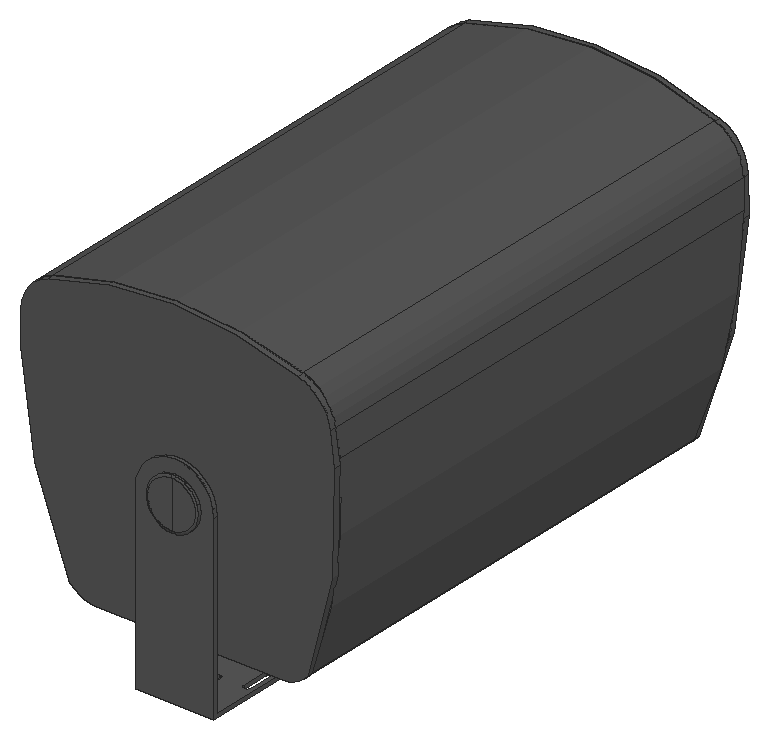
Revit family "Electronics_Desono_Biamp_Two-Way-High-Coaxial-Surface-Mount-Loudspeaker_EX-S8", category Communication Devices, host Face, Revit 2020
Family settings
  Host = Face
  Maintain Annotation Orientation = No
  Round Connector Dimension = Use Diameter
  Part Type = Normal
  OmniClass Number = 23.85.10.11.14.14.14
  Cut with Voids When Loaded = No
  Shared = No
  Room Calculation Point = No
Parameters (values of type "EX-S8-UB B")
  Width = 10.23622"  # constant formula
  Weight = 24.6918 lbf  # constant formula
  Vertical angle [instance] = 0.00°
  URL = "https://www.biamp.com/"
  Transducers = "LF 1 x 8 (200 mm) treated paper cone;HF 1 x 1.4 (35 mm) voice coil compression driver"  # constant formula
  Sensitivity = "1 m; 90 dB (2.83 V); 90 dB (1 W, 8 Ω)"  # constant formula
  Rotate bracket [instance] = if(Portrait, 0.00°, 90.00°)  # 0.00°
  Required Accessory = "50 Hz, 12 dB / oct. Butterworth high pass flter; DSP preset"  # constant formula
  Recommended Amplifers = "250 W - 500 W, 8 Ω (45 V - 63 V)"  # constant formula
  Rated Maximum SPL = "Peak - 124dB, Continuous - 112dB"  # constant formula
  Rated Continuous Voltage = "39.8 V (32 dBV)"  # constant formula
  Product data url = "https://bimobject.com/biamp/product/desono-ex-s8_desono-surface-mount"
  Product Page URL = "https://www.biamp.com/products/product-families/desono/surface-mount-loudspeakers#desono-ex-s8"
  Product Documentation Link = "https://downloads.biamp.com/assets/docs/default-source/data-sheets/biamp_data_sheet_desono_ex-s8_surface_mount_loudspeaker_feb22b.pdf"
  Portrait [instance] = yes
  Offset speaker [instance] = if(and(EXUB, Landscape), 1", if(and(EXUB, Portrait), 0", 6.88976"))  # 0"
  Offset [instance] = if(and(EXUB, Landscape), 4.79921", if(and(EXUB, Portrait), 5.78346", 2.48425"))  # 5.78346"
  Nom Vertical angle [instance] = if(and(and(Portrait, not(EXUB)), or(Vertical angle < -32.00°, Vertical angle = -32.00°)), -32.00°, if(and(and(Portrait, not(EXUB)), and(Vertical angle > -32.00°, Vertical angle < 24.00°)), Vertical angle, if(and(and(Portrait, not(EXUB)), or(Vertical angle > 24.00°, Vertical angle = 24.00°)), 24.00°, if(and(and(Landscape, not(EXUB)), or(Vertical angle < -56.00°, Vertical angle = -56.00°)), -56.00°, if(and(and(Landscape, not(EXUB)), and(Vertical angle > -56.00°, Vertical angle < 40.00°)), Vertical angle, if(and(and(Landscape, not(EXUB)), or(Vertical angle > 40.00°, Vertical angle = 40.00°)), 40.00°, if(and(and(EXUB, Landscape), or(Vertical angle < -100.00°, Vertical angle = -100.00°)), -100.00°, if(and(and(EXUB, Landscape), and(Vertical angle > -100.00°, Vertical angle < 100.00°)), Vertical angle, if(and(and(EXUB, Landscape), or(Vertical angle > 100.00°, Vertical angle = 100.00°)), 100.00°, 0.00°)))))))))  # 0.00°
  Nom Horizontal angle [instance] = if(and(and(Portrait, not(EXUB)), or(Horizontal angle < -60.00°, Horizontal angle = -60.00°)), -60.00°, if(and(and(Portrait, not(EXUB)), and(Horizontal angle > -60.00°, Horizontal angle < 60.00°)), Horizontal angle, if(and(and(Portrait, not(EXUB)), or(Horizontal angle > 60.00°, Horizontal angle = 60.00°)), 60.00°, if(and(and(Landscape, not(EXUB)), or(Horizontal angle < -24.00°, Horizontal angle = -24.00°)), -24.00°, if(and(and(Landscape, not(EXUB)), and(Horizontal angle > -24.00°, Horizontal angle < 24.00°)), Horizontal angle, if(and(and(Landscape, not(EXUB)), or(Horizontal angle > 24.00°, Horizontal angle = 24.00°)), 24.00°, if(and(Landscape, EXUB), 0.00°, if(and(and(EXUB, Portrait), or(Horizontal angle < -100.00°, Horizontal angle = -100.00°)), -100.00°, if(and(and(EXUB, Portrait), and(Horizontal angle > -100.00°, Horizontal angle < 100.00°)), Horizontal angle, if(and(and(EXUB, Portrait), or(Horizontal angle > 100.00°, Horizontal angle = 100.00°)), 100.00°, 0.00°))))))))))  # 0.00°
  Operating Range (-10dB) = "55 Hz to 20 kHz "  # constant formula
  Operating Mode = "Passive with selectable low-impedance or 70 V/100 V operation"  # constant formula
  Operating Environment = "Indoor/Outdoor"  # constant formula
  Nominal Maximum SPL = "Peak - 121dB; Continuous - 115dB"  # constant formula
  Nominal Continuous Power Handling = "45 V  (250 W, 8 Ω Nominal Impedance)"  # constant formula
  Mounting Provisions = "ClickMount pan-tilt bracket or ClickMount U-Bracket"  # constant formula
  Model = "EX-S8-UB B"
  Manufacturer = "Biamp"  # constant formula
  Landscape [instance] = not(Portrait)  # no
  Input Connection = "Lever-actuated wire clamping 4-position terminal block with pass-through"  # constant formula
  Housing Material = Biamp - Plastic - Black
  Horizontal angle [instance] = 0.00°
  Height = 18.0315"  # constant formula
  Grill Material = Biamp - Plastic - Black(Grid)
  Finish = "Refer to the Technical Drawings (pages 3-4)"  # constant formula
  Environmental Rating = "IP54 per IEC 60529, IEC 60068-2-5 (Solar Radiation),IEC 60068-2-11 (Salt Mist), IEC 60068-2-42 (SO2),IEC 60068-2-60 (Chlorine)"  # constant formula
  EXUB_PRT [instance] = and(EXUB, Portrait)  # yes
  EXUB_LSP [instance] = and(EXUB, Landscape)  # no
  EXUB = yes
  Description = "Desono™ EX-S8 Two-Way Coaxial 8 Surface Mount Loudspeaker"  # constant formula
  Depth = 10.35433"  # constant formula
  Default Elevation = 48"
  Crossover / Protection = "1.55 kHz crossover, driver protection circuitry"  # constant formula
  Controls = "Wattage / low impedance selector switch "  # constant formula
  Connector Description = "Terminal block; 40V 200W 8Ω Nominal Impedance, 70/100V operation"  # constant formula
  Compliance = "ETL listed to comply with UL 1480A;CSA STD C22.2# 62368-1; EN54-24, ISO 7240-24, IEC 62368-1"  # constant formula
  CMX-LG = no
  Bracket Material = Biamp - Plastic - Black
  Transformer = "70 V: 80 W, 40 W, 20 W, 10 W;  100 V: 80 W, 40 W, 20 W"  # constant formula
  Nominal Beamwidth (H x V) = "105° x 105°"  # constant formula
  Angle note [instance] = if(EXUB, "This product has predetermined angles in 10 degree increments", "This product has predetermined aiming increments of 8 degrees in the vertical plane and 12 degrees in the horizontal plane")  # "This product has predetermined angles in 10 degree increments"
Reference planes (in)
  plane 1 "Center (Front/Back)": y = 0
  plane 2: z = 0
  plane 3 "Center (Left/Right)": x = 0
Forms (in)
  Sweep 1, solid, material "Biamp - Plastic - Black" <- "Bracket Material", visible <- "EXUB", detail levels coarse
    path origin (0, 0, 0) x (0, 1, 0) y (-1, 0, 0)
      loop
        line (0, -1.30466) -> (0, 1.29377)
    profile origin (0.00545, 0, 0) x (0, -1, 0) y (0, 0, 1)
      loop
        line (8.85827, 0) -> (8.85827, 7.24409) -> (8.74016, 7.24409) -> (8.74016, 0.11811) -> (-8.74016, 0.11811) -> (-8.74016, 7.24409) -> (-8.85827, 7.24409) -> (-8.85827, 0) -> (8.85827, 0)
  Sweep 2, solid, material "Biamp - Plastic - Black" <- "Bracket Material", visible <- "EXUB", detail levels medium+fine
    path origin (0, 0, 0) x (0, 1, 0) y (-1, 0, 0)
      loop
        line (0, -1.30466) -> (0, 1.29377)
    profile origin (0.00545, 0, 0) x (0, -1, 0) y (0, 0, 1)
      loop
        line (8.66142, 0) -> (8.66142, 7.24409) -> (8.54331, 7.24409) -> (8.54331, 0.11811) -> (-8.54331, 0.11811) -> (-8.54331, 7.24409) -> (-8.66142, 7.24409) -> (-8.66142, 0) -> (8.66142, 0)
  Sweep 3, void
    path origin (0, 0, 0) x (0, 1, 0) y (-1, 0, 0)
      loop
        line (-8.74771, -0.00545) -> (8.74771, -0.00545)
    profile origin (0.00545, 0, 0) x (-1, 0, 0) y (0, 0, 1)
      loop
        line (1.29921, 5.94488) -> (1.29921, 7.51969) -> (-1.29921, 7.51969) -> (-1.29921, 5.94488)
        arc (-1.29921, 5.94488) -> (0, 7.24409) -> (1.29921, 5.94488) r 1.29921
  Sweep 4, void
    path origin (0, 0, 0) x (0, 1, 0) y (-1, 0, 0)
      loop
        line (-8.74771, -0.00545) -> (8.74771, -0.00545)
    profile origin (0.00545, 0, 0) x (-1, 0, 0) y (0, 0, 1)
      loop
        circle (0, 5.94488) r 0.19685
  Extrusion 5, void
    sketch origin (0, 0, 0) x (0, 1, 0) y (-1, 0, 0)
      loop
        circle (0, 0) r 0.25591
      loop
        arc (-7.24667, -0.08488) -> (-7.08661, -0.24494) -> (-6.92655, -0.08488) r 0.16006
        line (-6.92655, -0.08488) -> (-6.92655, 0.08488)
        arc (-6.92655, 0.08488) -> (-7.08661, 0.24494) -> (-7.24667, 0.08488) r 0.16006
        line (-7.24667, 0.08488) -> (-7.24667, -0.08488)
      loop
        arc (-6.96446, 1.16373) -> (-7.08661, 1.04158) -> (-6.96446, 0.91942) r 0.12216
        line (-6.96446, 0.91942) -> (-6.02767, 0.91942)
        arc (-6.02767, 0.91942) -> (-5.90551, 1.04158) -> (-6.02767, 1.16373) r 0.12216
        line (-6.02767, 1.16373) -> (-6.96446, 1.16373)
      loop
        line (-6.96446, -1.16373) -> (-6.02767, -1.16373)
        arc (-6.02767, -1.16373) -> (-5.90551, -1.04158) -> (-6.02767, -0.91942) r 0.12216
        line (-6.02767, -0.91942) -> (-6.96446, -0.91942)
        arc (-6.96446, -0.91942) -> (-7.08661, -1.04158) -> (-6.96446, -1.16373) r 0.12216
      loop
        arc (-3.07087, 0.25591) -> (-3.32677, 0) -> (-3.07087, -0.25591) r 0.25591
        line (-3.07087, -0.25591) -> (-2.20472, -0.25591)
        arc (-2.20472, -0.25591) -> (-1.94882, 0) -> (-2.20472, 0.25591) r 0.25591
        line (-2.20472, 0.25591) -> (-3.07087, 0.25591)
      loop
        line (7.24667, -0.08488) -> (7.24667, 0.08488)
        arc (7.24667, 0.08488) -> (7.08661, 0.24494) -> (6.92655, 0.08488) r 0.16006
        line (6.92655, 0.08488) -> (6.92655, -0.08488)
        arc (6.92655, -0.08488) -> (7.08661, -0.24494) -> (7.24667, -0.08488) r 0.16006
      loop
        line (6.96446, 1.16373) -> (6.02767, 1.16373)
        arc (6.02767, 1.16373) -> (5.90551, 1.04158) -> (6.02767, 0.91942) r 0.12216
        line (6.02767, 0.91942) -> (6.96446, 0.91942)
        arc (6.96446, 0.91942) -> (7.08661, 1.04158) -> (6.96446, 1.16373) r 0.12216
      loop
        arc (6.96446, -1.16373) -> (7.08661, -1.04158) -> (6.96446, -0.91942) r 0.12216
        line (6.96446, -0.91942) -> (6.02767, -0.91942)
        arc (6.02767, -0.91942) -> (5.90551, -1.04158) -> (6.02767, -1.16373) r 0.12216
        line (6.02767, -1.16373) -> (6.96446, -1.16373)
      loop
        line (3.07087, 0.25591) -> (2.20472, 0.25591)
        arc (2.20472, 0.25591) -> (1.94882, 0) -> (2.20472, -0.25591) r 0.25591
        line (2.20472, -0.25591) -> (3.07087, -0.25591)
        arc (3.07087, -0.25591) -> (3.32677, 0) -> (3.07087, 0.25591) r 0.25591
    from 0 to 0.63058
  Revolve 6, solid, material "Biamp - Plastic - Black" <- "Bracket Material", visible <- "EXUB", detail levels medium+fine
    sketch origin (0, 0, 0) x (0, 1, 0) y (0, 0, 1)
      loop
        line (8.66142, 6.13192) -> (8.26772, 6.13192) -> (8.26772, 5.94488) -> (8.77585, 5.94488) -> (8.77585, 6.72859)
        arc (8.77585, 6.72859) -> (8.76649, 6.77082) -> (8.74016, 6.80514) r 0.09992
        line (8.74016, 6.80514) -> (8.66142, 6.80514) -> (8.66142, 6.13192)
      loop
        line (-8.66142, 6.13192) -> (-8.66142, 6.80514) -> (-8.74016, 6.80514)
        arc (-8.74016, 6.80514) -> (-8.76649, 6.77082) -> (-8.77585, 6.72859) r 0.09992
        line (-8.77585, 6.72859) -> (-8.77585, 5.94488) -> (-8.26772, 5.94488) -> (-8.26772, 6.13192) -> (-8.66142, 6.13192)
      axis (8.77585, 5.94488) -> (-8.77585, 5.94488)
    angle from 0 to 360
Cuts and joins
  Sweep 3, Sweep 4, Extrusion 5 cuts Sweep 2
  Sweep 4, Extrusion 5 cuts Sweep 1
Lines and regions (in)
  Masking region 1, visible <- "EXUB_PRT"
    outline origin (0, 0, 0) x (1, 0, 0) y (0, 0, 1)
      loop
        arc (0.00545, 7.24409) -> (-0.91323, 6.86356) -> (-1.29377, 5.94488) r 1.29921
        line (-1.29377, 5.94488) -> (-1.29377, 0) -> (1.30466, 0) -> (1.30466, 5.94488)
        arc (1.30466, 5.94488) -> (0.92413, 6.86356) -> (0.00545, 7.24409) r 1.29921
  Masking region 2, visible <- "EXUB_PRT"
    outline origin (0, 0, 0) x (1, 0, 0) y (0, 0, 1)
      loop
        circle (0, 5.94488) r 0.86025
  Masking region 3, visible <- "EXUB_LSP", detail levels medium+fine
    outline origin (0, 0, 0) x (1, 0, 0) y (0, 0, 1)
      loop
        line (-8.54331, 0.11811) -> (-8.54331, 7.24726) -> (-8.66142, 7.24726) -> (-8.66142, 0) -> (8.66142, 0) -> (8.66142, 7.24726) -> (8.54331, 7.24726) -> (8.54331, 0.11811) -> (-8.54331, 0.11811)
  Masking region 4, visible <- "EXUB_LSP", detail levels coarse
    outline origin (0, 0, 0) x (1, 0, 0) y (0, 0, 1)
      loop
        line (-8.54331, 0.11811) -> (-8.54331, 7.24726) -> (-8.66142, 7.24726) -> (-8.66142, 0) -> (8.66142, 0) -> (8.66142, 7.24726) -> (8.54331, 7.24726) -> (8.54331, 0.11811) -> (-8.54331, 0.11811)
  Masking region 5, visible <- "EXUB_LSP", detail levels medium+fine
    outline origin (0, 0, 0) x (1, 0, 0) y (0, 0, 1)
      loop
        line (-8.66142, 6.80514) -> (-8.74016, 6.80514)
        arc (-8.74016, 6.80514) -> (-8.76831, 6.76985) -> (-8.77835, 6.72584) r 0.10141
        line (-8.77835, 6.72584) -> (-8.77835, 5.16392)
        arc (-8.77835, 5.16392) -> (-8.76831, 5.11992) -> (-8.74016, 5.08463) r 0.10141
        line (-8.74016, 5.08463) -> (-8.66142, 5.08463) -> (-8.66142, 5.75784) -> (-8.26772, 5.75784) -> (-8.26772, 6.13192) -> (-8.66142, 6.13192) -> (-8.66142, 6.80514)
      loop
        line (8.66142, 6.80514) -> (8.66142, 6.13192) -> (8.26772, 6.13192) -> (8.26772, 5.75784) -> (8.66142, 5.75784) -> (8.66142, 5.08463) -> (8.74016, 5.08463)
        arc (8.74016, 5.08463) -> (8.76831, 5.11992) -> (8.77835, 5.16392) r 0.10141
        line (8.77835, 5.16392) -> (8.77835, 6.72584)
        arc (8.77835, 6.72584) -> (8.76831, 6.76985) -> (8.74016, 6.80514) r 0.10141
        line (8.74016, 6.80514) -> (8.66142, 6.80514)
  Masking region 6, visible <- "EXUB_PRT", detail levels medium+fine
    outline origin (0, 0, 0) x (0, 1, 0) y (0, 0, 1)
      loop
        line (8.66142, 7.24409) -> (8.54331, 7.24409) -> (8.54331, 0.11811) -> (-8.54331, 0.11811) -> (-8.54331, 7.24409) -> (-8.66142, 7.24409) -> (-8.66142, 0) -> (8.66142, 0) -> (8.66142, 7.24409)
  Masking region 7, visible <- "EXUB_PRT", detail levels coarse
    outline origin (0, 0, 0) x (0, 1, 0) y (0, 0, 1)
      loop
        line (8.66142, 7.24409) -> (8.54331, 7.24409) -> (8.54331, 0.11811) -> (-8.54331, 0.11811) -> (-8.54331, 7.24409) -> (-8.66142, 7.24409) -> (-8.66142, 0) -> (8.66142, 0) -> (8.66142, 7.24409)
  Masking region 8, visible <- "EXUB_PRT", detail levels medium+fine
    outline origin (0, 0, 0) x (0, 1, 0) y (0, 0, 1)
      loop
        line (8.66142, 6.80514) -> (8.66142, 6.13192) -> (8.26772, 6.13192) -> (8.26772, 5.75784) -> (8.66142, 5.75784) -> (8.66142, 5.08463) -> (8.74016, 5.08463)
        arc (8.74016, 5.08463) -> (8.76711, 5.12704) -> (8.77654, 5.1764) r 0.13396
        line (8.77654, 5.1764) -> (8.77654, 6.71336)
        arc (8.77654, 6.71336) -> (8.76711, 6.76272) -> (8.74016, 6.80514) r 0.13396
        line (8.74016, 6.80514) -> (8.66142, 6.80514)
      loop
        line (-8.66142, 6.80514) -> (-8.74016, 6.80514)
        arc (-8.74016, 6.80514) -> (-8.76711, 6.76272) -> (-8.77654, 6.71336) r 0.13396
        line (-8.77654, 6.71336) -> (-8.77654, 5.1764)
        arc (-8.77654, 5.1764) -> (-8.76711, 5.12704) -> (-8.74016, 5.08463) r 0.13396
        line (-8.74016, 5.08463) -> (-8.66142, 5.08463) -> (-8.66142, 5.75784) -> (-8.26772, 5.75784) -> (-8.26772, 6.13192) -> (-8.66142, 6.13192) -> (-8.66142, 6.80514)
  Masking region 9, visible <- "EXUB_LSP"
    outline origin (0, 0, 0) x (0, 1, 0) y (0, 0, 1)
      loop
        arc (-0.00545, 7.24409) -> (-0.92413, 6.86356) -> (-1.30466, 5.94488) r 1.29921
        line (-1.30466, 5.94488) -> (-1.30466, 0) -> (1.29377, 0) -> (1.29377, 5.94488)
        arc (1.29377, 5.94488) -> (0.91323, 6.86356) -> (-0.00545, 7.24409) r 1.29921
  Masking region 10, visible <- "EXUB_LSP"
    outline origin (0, 0, 0) x (0, 1, 0) y (0, 0, 1)
      loop
        circle (0, 5.94488) r 0.86025
  reference lines
    curve 1: line (0, 0, 0) -> (0, 23.62205, 0)
Dimensions and locks (in)
  "Rotate bracket": angle curve 1 to plane 3 "Center (Left/Right)"
  aligned and locked: plane 2 to host face
  aligned and locked: level to host face
  aligned and locked: plane 1 "Center (Front/Back)" to curve 1
  aligned and locked: plane 3 "Center (Left/Right)" to curve 1
Automatic sketch dimensions
  host sketch curve to host sketch curve = 96"  (x2)
  curve 1 to Sweep 1 sketch curve = 0"
  curve 1 to Sweep 1 sketch curve = 1.30466"
  Sweep 1 sketch curve to Sweep 1 sketch curve = 2.59843"
  Sweep 1 sketch curve to profile plane = 0"
  profile plane to Sweep 1 sketch curve = 8.85827"
  Sweep 1 sketch curve to Sweep 1 sketch curve = 0.11811"  (x2)
  profile plane to Sweep 1 sketch curve = 0.11811"
  Sweep 1 sketch curve to profile plane = 8.74016"
  Sweep 1 sketch curve to Sweep 1 sketch curve = 7.12598"  (x2)
  Sweep 2 sketch curve to curve 1 = 0"
  Sweep 2 sketch curve to curve 1 = 1.30466"
  curve 1 to Sweep 2 sketch curve = 1.29377"
  Sweep 2 sketch curve to profile plane = 0"
  profile plane to Sweep 2 sketch curve = 8.66142"
  Sweep 2 sketch curve to Sweep 2 sketch curve = 0.11811"  (x2)
  profile plane to Sweep 2 sketch curve = 0.11811"
  Sweep 2 sketch curve to profile plane = 8.54331"
  Sweep 2 sketch curve to Sweep 2 sketch curve = 7.12598"  (x2)
  Sweep 3 sketch curve to profile plane = 0"
  Sweep 3 sketch curve to profile plane = 1.29921"
  level to Sweep 3 sketch curve = 5.94488"
  Sweep 3 sketch curve to Sweep 3 sketch curve = 1.5748"
  Sweep 4 sketch curve to profile plane = 0"
  level to Sweep 4 sketch curve = 5.94488"
  curve 1 to Sweep 4 sketch curve = 0.00545"
  Sweep 4 sketch curve to curve 1 = 8.74771"
  curve 1 to Sweep 4 sketch curve = 8.74771"
  curve 1 to Sweep 3 sketch curve = 0.00545"
  Sweep 3 sketch curve to curve 1 = 8.74771"
  curve 1 to Sweep 3 sketch curve = 8.74771"
  Extrusion 5 sketch curve to curve 1 = 0"  (x3)
  curve 1 to Extrusion 5 sketch curve = 0"
  Extrusion 5 sketch curve to Extrusion 5 sketch curve = 2.20472"
  curve 1 to Extrusion 5 sketch curve = 0.25591"  (x2)
  Extrusion 5 sketch curve to Extrusion 5 sketch curve = 0.86614"  (x2)
  curve 1 to Extrusion 5 sketch curve = 1.04158"
  Extrusion 5 sketch curve to Extrusion 5 sketch curve = 2.9568"  (x2)
  Extrusion 5 sketch curve to curve 1 = 0.91942"
  Extrusion 5 sketch curve to Extrusion 5 sketch curve = 0"  (x2)
  Extrusion 5 sketch curve to curve 1 = 0.08488"  (x2)
  Extrusion 5 sketch curve to Extrusion 5 sketch curve = 0.89889"  (x2)
  Extrusion 5 sketch curve to Extrusion 5 sketch curve = 0.93679"  (x3)
  Extrusion 5 sketch curve to Extrusion 5 sketch curve = 0.16006"  (x2)
  curve 1 to Extrusion 5 sketch curve = 2.20472"
  curve 1 to Extrusion 5 sketch curve = 0.91942"
  Extrusion 5 sketch curve to curve 1 = 1.16373"
  Extrusion 5 sketch curve to Extrusion 5 sketch curve = 0.03791"
  Extrusion 5 sketch curve to Extrusion 5 sketch curve = 0.24431"  (x2)
  Extrusion 5 sketch curve to Extrusion 5 sketch curve = 0.12216"  (x2)
  curve 1 to Extrusion 5 sketch curve = 0.08488"  (x2)
  Revolve 6 sketch curve to curve 1 = 8.77585"
  Revolve 6 sketch curve to Revolve 6 sketch curve = 0.03569"  (x2)
  Revolve 6 sketch curve to Revolve 6 sketch curve = 0.06423"
  Revolve 6 sketch curve to Revolve 6 sketch curve = 0.11443"
  Revolve 6 sketch curve to Revolve 6 sketch curve = 0.3937"  (x2)
  curve 1 to Revolve 6 sketch curve = 8.26772"
  Revolve 6 sketch curve to Revolve 6 sketch curve = 0.01451"
  Revolve 6 sketch curve to Revolve 6 sketch curve = 0.07874"
  Revolve 6 sketch curve to curve 1 = 5.94488"  (x2)
  Revolve 6 sketch curve to Revolve 6 sketch curve = 0.18704"  (x2)
  Revolve 6 sketch curve to Revolve 6 sketch curve = 0.59667"  (x2)
  Revolve 6 sketch curve to Revolve 6 sketch curve = 0.21341"
  Revolve 6 sketch curve to Revolve 6 sketch curve = 0.35129"
  Revolve 6 sketch curve to Revolve 6 sketch curve = 0"
  Masking region 1 sketch curve to Masking region 1 sketch curve = 0"  (x2)
  Masking region 1 sketch curve to level = 0"
  Masking region 1 sketch curve to plane 3 "Center (Left/Right)" = 1.29377"
  plane 3 "Center (Left/Right)" to Masking region 1 sketch curve = 0.00545"
  Masking region 1 sketch curve to Masking region 1 sketch curve = 5.94488"
  Masking region 2 sketch curve to Masking region 2 sketch curve = 0"  (x2)
  Masking region 2 sketch curve to plane 3 "Center (Left/Right)" = 0"
  level to Masking region 2 sketch curve = 5.94488"
  Masking region 2 sketch curve to Masking region 2 sketch curve = 0.86025"
  Masking region 3 sketch curve to level = 0"
  Masking region 3 sketch curve to plane 3 "Center (Left/Right)" = 8.66142"
  Masking region 3 sketch curve to Masking region 3 sketch curve = 0.11811"  (x2)
  level to Masking region 3 sketch curve = 0.11811"
  plane 3 "Center (Left/Right)" to Masking region 3 sketch curve = 8.54331"
  Masking region 3 sketch curve to Masking region 3 sketch curve = 7.12915"  (x2)
  Masking region 4 sketch curve to level = 0"
  Masking region 4 sketch curve to plane 3 "Center (Left/Right)" = 8.66142"
  Masking region 4 sketch curve to Masking region 4 sketch curve = 0.11811"  (x2)
  plane 3 "Center (Left/Right)" to Masking region 4 sketch curve = 8.54331"
  level to Masking region 4 sketch curve = 0.11811"
  Masking region 4 sketch curve to Masking region 4 sketch curve = 7.12915"  (x2)
  Masking region 5 sketch curve to plane 3 "Center (Left/Right)" = 8.77835"
  Masking region 5 sketch curve to Masking region 5 sketch curve = 0.0382"  (x3)
  Masking region 5 sketch curve to Masking region 5 sketch curve = 0.06321"
  Masking region 5 sketch curve to Masking region 5 sketch curve = 0.10141"
  Masking region 5 sketch curve to Masking region 5 sketch curve = 0.01553"  (x3)
  Masking region 5 sketch curve to Masking region 5 sketch curve = 0.07874"  (x3)
  Masking region 5 sketch curve to Masking region 5 sketch curve = 0.3937"  (x2)
  plane 3 "Center (Left/Right)" to Masking region 5 sketch curve = 8.26772"
  Masking region 5 sketch curve to Masking region 5 sketch curve = 0"
  level to Masking region 5 sketch curve = 5.08463"  (x2)
  Masking region 5 sketch curve to Masking region 5 sketch curve = 0.59392"  (x4)
  Masking region 5 sketch curve to Masking region 5 sketch curve = 0.37408"  (x2)
  Masking region 6 sketch curve to level = 0"
  plane 1 "Center (Front/Back)" to Masking region 6 sketch curve = 8.66142"
  Masking region 6 sketch curve to Masking region 6 sketch curve = 0.11811"  (x2)
  Masking region 6 sketch curve to plane 1 "Center (Front/Back)" = 8.54331"
  level to Masking region 6 sketch curve = 0.11811"
  Masking region 6 sketch curve to Masking region 6 sketch curve = 7.12598"  (x2)
  Masking region 7 sketch curve to level = 0"
  plane 1 "Center (Front/Back)" to Masking region 7 sketch curve = 8.66142"
  Masking region 7 sketch curve to Masking region 7 sketch curve = 0.11811"  (x2)
  Masking region 7 sketch curve to plane 1 "Center (Front/Back)" = 8.54331"
  level to Masking region 7 sketch curve = 0.11811"
  Masking region 7 sketch curve to Masking region 7 sketch curve = 7.12598"  (x2)
  plane 1 "Center (Front/Back)" to Masking region 8 sketch curve = 8.77654"
  Masking region 8 sketch curve to Masking region 8 sketch curve = 0.03638"  (x3)
  Masking region 8 sketch curve to Masking region 8 sketch curve = 0.07874"  (x4)
  Masking region 8 sketch curve to Masking region 8 sketch curve = 0.01884"  (x4)
  Masking region 8 sketch curve to Masking region 8 sketch curve = 0.3937"
  Masking region 8 sketch curve to plane 1 "Center (Front/Back)" = 8.26772"
  Masking region 8 sketch curve to Masking region 8 sketch curve = 0.37486"  (x2)
  level to Masking region 8 sketch curve = 5.08463"  (x2)
  Masking region 8 sketch curve to Masking region 8 sketch curve = 0.58144"  (x4)
  Masking region 8 sketch curve to Masking region 8 sketch curve = 0.37408"  (x2)
  Masking region 9 sketch curve to Masking region 9 sketch curve = 0"  (x2)
  Masking region 9 sketch curve to level = 0"
  plane 1 "Center (Front/Back)" to Masking region 9 sketch curve = 1.30466"
  plane 1 "Center (Front/Back)" to Masking region 9 sketch curve = 0.00545"
  Masking region 9 sketch curve to Masking region 9 sketch curve = 5.94488"
  Masking region 10 sketch curve to Masking region 10 sketch curve = 0"  (x2)
  Masking region 10 sketch curve to plane 1 "Center (Front/Back)" = 0"
  level to Masking region 10 sketch curve = 5.94488"
  Masking region 10 sketch curve to Masking region 10 sketch curve = 0.86025"
  radius of Sweep 4 sketch curve = 0.19685"
  radius of Extrusion 5 sketch curve = 0.25591"
Nested families (in)
  nested 1: "CMX-LG" at (0, 0, 0) x (0, 1, 0) z (0, 0, 1), Vertical angle <- "Nom Vertical angle", Horizontal angle <- "Nom Horizontal angle", Housing Material <- "Bracket Material", Vertical <- "Portrait", Offset <- "Offset", visible <- "CMX-LG", type "CMX-LG"
    with Vertical angle 0.00°, Vertical yes, Offset 5.78346", Housing Material Biamp - Plastic - Black, Horizontal angle 0.00°
  nested 2: "EX-S8" at (0, -0.00545, 5.38265) x (0, -1, 0) z (0, 0, 1), Offset <- "Offset speaker", Housing Material <- "Housing Material", Grill Material <- "Grill Material", type "EX-S8"
    with Offset 0", Housing Material Biamp - Plastic - Black, Grill Material Biamp - Plastic - Black(Grid)
Connectors (in)
  electrical at (0, -0.00545, 1.64643), driven by "Connector Description"
    settings: on nested 2, index 1, voltage 0 V, apparent load 0 VA, apparent load phase1 0 VA, apparent load phase2 0 VA, apparent load phase3 0 VA, power factor 1, load classification "Other", number of poles 1, system type 5, power factor state 1, is connector primary yes, connector utility no, sub classification motor no, connector description "Terminal block; 40V 200W 8Ω Nominal Impedance, 70/100V operation"
Definition of nested family "CMX-LG"
  Parameters (values of type "CMX-LG")
    Horizontal angle [instance] = 0.00°
    Vertical [instance] = yes
    Offset [instance] = 2.48251"
    Housing Material [instance] = none
    Vertical angle [instance] = 30.00°
    Height = 0"
    Default Elevation = 48"
  Reference planes (in)
    plane 1 "Center (Front/Back)": y = 0
    plane 2: z = 0
    plane 3 "Center (Left/Right)": x = 0
    plane 4: z = 2.48251
  Forms (in)
    Extrusion 1, solid, material <- "Housing Material", detail levels coarse
      sketch origin (0, 0, 0) x (1, 0, 0) y (0, 1, 0)
        loop
          line (-3.14961, 2.20472) -> (-3.14961, -2.20472) -> (3.14961, -2.20472) -> (3.14961, 2.20472) -> (-3.14961, 2.20472)
      from 0 to 0.7874
    Extrusion 2, solid, material <- "Housing Material", detail levels medium+fine
      sketch origin (0, 0, 0) x (0, 1, 0) y (0, 0, 1)
        loop
          line (2.20472, 0) -> (2.20472, 0.16467)
          arc (2.20472, 0.16467) -> (2.08252, 0.49404) -> (1.77506, 0.664) r 0.50499
          arc (1.77506, 0.664) -> (0, 0.79714) -> (-1.77506, 0.664) r 11.90021
          arc (-1.77506, 0.664) -> (-2.08252, 0.49404) -> (-2.20472, 0.16467) r 0.50499
          line (-2.20472, 0.16467) -> (-2.20472, 0) -> (2.20472, 0)
      from -3.14961 to 3.14961
    Extrusion 3, void
      sketch origin (0, 0, 0) x (1, 0, 0) y (0, 0, 1)
        loop
          line (-3.16909, -0.41986) -> (-2.97047, 0.70657)
          arc (-2.97047, 0.70657) -> (-2.96479, 0.7235) -> (-2.95439, 0.73801) r 0.06004
          arc (-2.95439, 0.73801) -> (-2.90688, 0.77646) -> (-2.85166, 0.80264) r 0.25769
          line (-2.85166, 0.80264) -> (-2.85166, 0.98425) -> (-3.16909, 0.98425) -> (-3.16909, -0.41986)
        loop
          line (3.16909, -0.41986) -> (3.16909, 0.98425) -> (2.85166, 0.98425) -> (2.85166, 0.80264)
          arc (2.85166, 0.80264) -> (2.90688, 0.77646) -> (2.95439, 0.73801) r 0.25769
          arc (2.95439, 0.73801) -> (2.96479, 0.7235) -> (2.97047, 0.70657) r 0.06004
          line (2.97047, 0.70657) -> (3.16909, -0.41986)
      from -2.51902 to 2.58709
    Extrusion 4, void
      sketch origin (0, 0, 0) x (1, 0, 0) y (0, 1, 0)
        loop
          arc (-1.22638, 1.30118) -> (-1.50477, 1.18587) -> (-1.62008, 0.90748) r 0.3937
          line (-1.62008, 0.90748) -> (-1.62008, -0.90748)
          arc (-1.62008, -0.90748) -> (-1.50477, -1.18587) -> (-1.22638, -1.30118) r 0.3937
          line (-1.22638, -1.30118) -> (1.22638, -1.30118)
          arc (1.22638, -1.30118) -> (1.50477, -1.18587) -> (1.62008, -0.90748) r 0.3937
          line (1.62008, -0.90748) -> (1.62008, 0.90748)
          arc (1.62008, 0.90748) -> (1.50477, 1.18587) -> (1.22638, 1.30118) r 0.3937
          line (1.22638, 1.30118) -> (-1.22638, 1.30118)
      from 0.63058 to 0.89388
    Extrusion 5, void
      sketch origin (4.52756, 0, 0) x (0, 0, -1) y (-1, 0, 0)
        loop
          line (-3.14571, 6.10236) -> (-3.14571, 5.70897) -> (-0.63058, 6.10236) -> (-3.14571, 6.10236)
        loop
          line (-3.14571, 2.95276) -> (-0.63058, 2.95276) -> (-3.14571, 3.34615) -> (-3.14571, 2.95276)
        loop
          line (-3.14571, 3.83858) -> (-0.63058, 3.83858) -> (-0.63058, 5.21654) -> (-3.14571, 5.21654) -> (-3.14571, 3.83858)
      from -1.07372 to 1.09078
    Extrusion 6, void
      sketch origin (4.52756, 0, 0) x (0, 0, -1) y (0, -1, 0)
        loop
          circle (-2.50709, 0) r 0.41339
      from 1.95353 to 6.5829
    Sweep 7, solid, material <- "Housing Material"
      path origin (0, 0, 0) x (1, 0, 0) y (0, 1, 0)
        loop
          line (-1.5748, -0.00067) -> (1.5748, -0.00067)
      profile origin (0, -0.00067, 0) x (0, 1, 0) y (0, 0, 1)
        loop
          spline (0.96497, 0.63058) -> (0.95293, 0.75507) -> (0.93919, 0.87939) -> (0.92376, 1.00352) -> (0.90663, 1.12744) -> (0.88781, 1.25113) -> (0.86731, 1.37455) -> (0.84512, 1.4977) -> (0.82125, 1.62055) -> (0.79571, 1.74307) -> (0.76849, 1.86525) -> (0.73962, 1.98707) -> (0.70908, 2.10849)
          arc (0.70908, 2.10849) -> (0.6212, 2.42467) -> (0.52208, 2.73751) r 9.1808
          arc (0.52208, 2.73751) -> (0.00077, 3.11001) -> (-0.52068, 2.73771) r 0.55118
          arc (-0.52068, 2.73771) -> (-0.80585, 1.69792) -> (-0.95843, 0.63058) r 8.58394
          line (-0.95843, 0.63058) -> (0.96497, 0.63058)
  Cuts and joins
    Extrusion 3, Extrusion 4, Extrusion 5 cuts Extrusion 2
    Extrusion 4, Extrusion 5, Extrusion 6 cuts Extrusion 1
    Extrusion 5, Extrusion 6 cuts Sweep 7
  Lines and regions (in)
    Masking region 1
      outline origin (0, 0, 0) x (1, 0, 0) y (0, 1, 0)
        loop
          line (-3.14961, 2.20472) -> (-3.14961, -2.20472) -> (3.14961, -2.20472) -> (3.14961, 2.20472) -> (-3.14961, 2.20472)
    Masking region 2
      outline origin (4.52756, 0, 0) x (0, 0, 1) y (-1, 0, 0)
        loop
          line (0, 1.41478) -> (0.78774, 1.59452) -> (0.78774, 2.86676) -> (3.1211, 3.36274) -> (3.1211, 3.84222) -> (0.78774, 3.84222) -> (0.78774, 5.22017) -> (3.1211, 5.22017) -> (3.1211, 5.72426) -> (0.78774, 6.22023) -> (0.78774, 7.48383) -> (0, 7.62273) -> (0, 1.41478)
    Masking region 3
      outline origin (4.52756, 0, 0) x (0, 0, 1) y (0, -1, 0)
        loop
          line (0, 2.20732) -> (0, -2.21591) -> (0.16467, -2.21591)
          arc (0.16467, -2.21591) -> (0.49404, -2.09371) -> (0.664, -1.78625) r 0.50499
          arc (0.664, -1.78625) -> (0.79765, -0.0043) -> (0.664, 1.77766) r 11.9464
          arc (0.664, 1.77766) -> (0.49404, 2.08512) -> (0.16467, 2.20732) r 0.50499
          line (0.16467, 2.20732) -> (0, 2.20732)
    Masking region 4
      outline origin (4.52756, 0, 0) x (0, 0, 1) y (0, -1, 0)
        loop
          arc (2.73329, 0.51814) -> (3.10782, 0.02852) -> (2.79414, -0.50215) r 0.55118
          arc (2.79414, -0.50215) -> (2.45372, -0.61185) -> (2.10928, -0.7082) r 9.1808
          spline (2.10928, -0.7082) -> (1.99835, -0.73618) -> (1.8871, -0.76278) -> (1.77553, -0.78798) -> (1.66368, -0.81179) -> (1.55155, -0.8342) -> (1.43915, -0.85522) -> (1.32652, -0.87482) -> (1.21366, -0.89303) -> (1.10059, -0.90982) -> (0.98733, -0.9252) -> (0.87389, -0.93917) -> (0.7603, -0.95172)
          arc (0.7603, -0.95172) -> (0.80073, 0.00005) -> (0.75956, 0.95179) r 11.12158
          spline (0.75956, 0.95179) -> (0.87321, 0.93925) -> (0.98671, 0.92528) -> (1.10003, 0.9099) -> (1.21317, 0.8931) -> (1.32609, 0.8749) -> (1.43879, 0.85528) -> (1.55124, 0.83426) -> (1.66343, 0.81184) -> (1.77535, 0.78802) -> (1.88698, 0.76281) -> (1.99829, 0.7362) -> (2.10928, 0.7082)
          arc (2.10928, 0.7082) -> (2.42365, 0.62084) -> (2.73471, 0.52236) r 9.1808
    reference lines
      curve 1: line (0, 0, 2.48251) -> (0, 0, 3.4685)
      curve 2: line (4.52756, 0, 0) -> (4.52756, 0, 0.59055)
      curve 3: line (-0.70451, 0, 3.4685) -> (0.47659, 0, 3.4685)
      curve 4: line (0, 0, 3.4685) -> (0.46556, 0, 4.27488)
  Dimensions and locks (in)
    "Offset": plane 4 to plane 2
    "Horizontal angle": angle plane 1 "Center (Front/Back)" to curve 1
    "Vertical angle": angle curve 4 to curve 1
    aligned and locked: level to plane 2
    aligned and locked: plane 4 to curve 1
    aligned and locked: plane 1 "Center (Front/Back)" to curve 1
    aligned and locked: curve 3 to curve 4
    aligned and locked: curve 1 to curve 4
  Automatic sketch dimensions
    Extrusion 1 sketch curve to plane 3 "Center (Left/Right)" = 3.14961"
    plane 3 "Center (Left/Right)" to Extrusion 1 sketch curve = 3.14961"
    plane 1 "Center (Front/Back)" to Extrusion 1 sketch curve = 2.20472"
    Extrusion 1 sketch curve to plane 1 "Center (Front/Back)" = 2.20472"
    plane 1 "Center (Front/Back)" to Extrusion 4 sketch curve = 0.90748"
    Extrusion 4 sketch curve to plane 3 "Center (Left/Right)" = 1.62008"
    Extrusion 4 sketch curve to Extrusion 4 sketch curve = 0.3937"  (x3)
    plane 3 "Center (Left/Right)" to Extrusion 4 sketch curve = 1.22638"  (x2)
    Extrusion 4 sketch curve to plane 1 "Center (Front/Back)" = 0.90748"
    plane 1 "Center (Front/Back)" to Sweep 7 sketch curve = 0.00067"
    Sweep 7 sketch curve to plane 3 "Center (Left/Right)" = 1.5748"
    plane 3 "Center (Left/Right)" to Sweep 7 sketch curve = 1.5748"
    Sweep 7 sketch curve to level = 0.19141"
    profile plane to Sweep 7 sketch curve = 8.17898"
    Sweep 7 sketch curve to profile plane = 0.00067"
    level to Sweep 7 sketch curve = 0.63058"
    Sweep 7 sketch curve to profile plane = 0.96497"
    Sweep 7 sketch curve to level = 0.04808"
    Sweep 7 sketch curve to Sweep 7 sketch curve = 1.92825"
    Sweep 7 sketch curve to level = 0.18883"
    Sweep 7 sketch curve to Sweep 7 sketch curve = 0.39114"
    profile plane to Sweep 7 sketch curve = 0.95843"
    Sweep 7 sketch curve to Sweep 7 sketch curve = 0.52135"
    Sweep 7 sketch curve to Sweep 7 sketch curve = 0"
    Sweep 7 sketch curve to profile plane = 0.52208"
    Sweep 7 sketch curve to Sweep 7 sketch curve = 0.18699"
    Masking region 1 sketch curve to plane 3 "Center (Left/Right)" = 3.14961"
    plane 3 "Center (Left/Right)" to Masking region 1 sketch curve = 3.14961"
    plane 1 "Center (Front/Back)" to Masking region 1 sketch curve = 2.20472"
    Masking region 1 sketch curve to plane 1 "Center (Front/Back)" = 2.20472"
    Extrusion 2 sketch curve to level = 0"
    Extrusion 2 sketch curve to plane 1 "Center (Front/Back)" = 0"
    level to Extrusion 2 sketch curve = 0.16467"  (x2)
    plane 1 "Center (Front/Back)" to Extrusion 2 sketch curve = 1.69974"
    Extrusion 2 sketch curve to Extrusion 2 sketch curve = 0.50499"
    Extrusion 2 sketch curve to Extrusion 2 sketch curve = 0.07532"  (x2)
    Extrusion 2 sketch curve to Extrusion 2 sketch curve = 0"  (x2)
    level to Extrusion 3 sketch curve = 0.98425"
    Extrusion 3 sketch curve to plane 3 "Center (Left/Right)" = 3.16909"
    level to Extrusion 3 sketch curve = 0.70657"  (x2)
    Extrusion 3 sketch curve to Extrusion 3 sketch curve = 0.19862"
    Extrusion 3 sketch curve to Extrusion 3 sketch curve = 0.05912"  (x2)
    Extrusion 3 sketch curve to Extrusion 3 sketch curve = 0.05969"  (x2)
    Extrusion 3 sketch curve to Extrusion 3 sketch curve = 0.14169"
    level to Extrusion 3 sketch curve = 0.55835"
    plane 3 "Center (Left/Right)" to Extrusion 3 sketch curve = 2.76965"
    Extrusion 3 sketch curve to Extrusion 3 sketch curve = 0.08201"
    Extrusion 3 sketch curve to Extrusion 3 sketch curve = 0.31743"
    Extrusion 3 sketch curve to Extrusion 3 sketch curve = 0.14823"
    Extrusion 3 sketch curve to level = 0.41986"  (x2)
    Extrusion 3 sketch curve to Extrusion 3 sketch curve = 0.01043"  (x2)
    Extrusion 3 sketch curve to Extrusion 3 sketch curve = 0.06463"  (x2)
    Extrusion 3 sketch curve to Extrusion 3 sketch curve = 0.24625"
    curve 2 to level = 0"
    level to curve 2 = 0.59055"
    plane 3 "Center (Left/Right)" to curve 2 = 4.52756"
    Masking region 2 sketch curve to curve 2 = 0"
    curve 2 to Masking region 2 sketch curve = 1.41478"
    curve 2 to Masking region 2 sketch curve = 7.62273"
    curve 2 to Masking region 2 sketch curve = 0.19719"  (x3)
    Masking region 2 sketch curve to Masking region 2 sketch curve = 2.33336"
    Masking region 2 sketch curve to Masking region 2 sketch curve = 0"
    curve 2 to Masking region 2 sketch curve = 1.59452"
    curve 2 to Masking region 2 sketch curve = 2.86676"
    Masking region 2 sketch curve to Masking region 2 sketch curve = 0.49597"
    Masking region 2 sketch curve to Masking region 2 sketch curve = 0.47948"
    Masking region 2 sketch curve to Masking region 2 sketch curve = 1.37795"
    Masking region 2 sketch curve to Masking region 2 sketch curve = 0.50409"
    curve 2 to Masking region 2 sketch curve = 6.22023"
    curve 2 to Masking region 2 sketch curve = 7.48383"
    curve 2 to Masking region 3 sketch curve = 0"
    curve 2 to Masking region 3 sketch curve = 2.20732"
    curve 2 to Masking region 3 sketch curve = 0.0043"
    curve 2 to Masking region 3 sketch curve = 0.16467"  (x2)
    curve 2 to Masking region 3 sketch curve = 1.70233"
    curve 2 to Masking region 3 sketch curve = 0.07345"  (x2)
    Masking region 3 sketch curve to Masking region 3 sketch curve = 0"  (x2)
    curve 2 to Masking region 4 sketch curve = 0.0043"  (x2)
    Masking region 4 sketch curve to curve 2 = 10.32085"
    Masking region 4 sketch curve to curve 2 = 0.19141"  (x2)
    curve 2 to Masking region 4 sketch curve = 1.96707"
    Masking region 4 sketch curve to curve 2 = 8.17964"
    curve 2 to Masking region 4 sketch curve = 8.17964"
    Masking region 4 sketch curve to curve 2 = 0.18883"  (x2)
    curve 2 to Masking region 4 sketch curve = 0.169"
    curve 2 to Masking region 4 sketch curve = 0.16975"
    Masking region 4 sketch curve to Masking region 4 sketch curve = 0.44833"  (x2)
    Masking region 4 sketch curve to Masking region 4 sketch curve = 0.17567"
    Masking region 4 sketch curve to Masking region 4 sketch curve = 0.23652"
    Masking region 4 sketch curve to Masking region 4 sketch curve = 0.00142"
    curve 2 to Masking region 4 sketch curve = 0.50215"
    curve 2 to Masking region 4 sketch curve = 0.95172"
    Masking region 4 sketch curve to Masking region 4 sketch curve = 0.04931"
    Masking region 4 sketch curve to curve 2 = 8.57078"
    Masking region 4 sketch curve to Masking region 4 sketch curve = 0.00422"
    curve 2 to Extrusion 5 sketch curve = 0.04003"  (x3)
    Extrusion 5 sketch curve to Extrusion 5 sketch curve = 2.51513"  (x2)
    Extrusion 5 sketch curve to Extrusion 5 sketch curve = 0"
    curve 2 to Extrusion 5 sketch curve = 2.95276"
    Extrusion 5 sketch curve to Extrusion 5 sketch curve = 0.39339"  (x2)
    curve 2 to Extrusion 5 sketch curve = 3.83858"
    curve 2 to Extrusion 5 sketch curve = 5.21654"
    Extrusion 5 sketch curve to Extrusion 5 sketch curve = 0.49244"
    Extrusion 6 sketch curve to curve 2 = 0"
    curve 2 to Extrusion 6 sketch curve = 1.91654"
    curve 3 to plane 3 "Center (Left/Right)" = 0.70451"
    plane 3 "Center (Left/Right)" to curve 3 = 0.47659"
    radius of Extrusion 6 sketch curve = 0.41339"
  Nested families (in)
    nested 1: "Family2" at (-0.68898, 0, 3.2365) x (0, 1, 0) z (1, 0, 0), Bracket Material <- "Housing Material", type "Family2"
      with Bracket Material none
    nested 2: "Family1" at (0.22104, -1.1811, 3.85136) x (-0.866, 0, 0.5) z (0, 1, 0), Bracket Material <- "Housing Material", type "Family1"
      with Bracket Material none
    nested 3: "Bracket" at (0.82234, 0, 4.89284) x (0, -1, 0) z (0.5, 0, 0.866), Vertical <- "Vertical", Housing Material <- "Housing Material", type "Bracket"
      with Vertical yes, Rotate 0.00°, Housing Material none
  Definition of nested family "Family2"
    Parameters
      Height = 0"
      Default Elevation = 48"
      Bracket Material [instance] = none
    Reference planes (in)
      plane 1 "Center (Front/Back)": y = 0
      plane 2: z = 0
      plane 3 "Center (Left/Right)": x = 0
    Forms (in)
      Extrusion 1, solid, material <- "Bracket Material"
        sketch origin (0, 0, 0) x (1, 0, 0) y (0, 1, 0)
          loop
            line (0.45027, -0.80113) -> (0.45027, 0.80113) -> (-0.45027, 0.80113) -> (-0.45027, -0.80167)
            arc (-0.45027, -0.80167) -> (-0.30285, -1.09057) -> (-0.00003, -1.20675) r 0.45276
            arc (-0.00003, -1.20675) -> (0.30299, -1.09039) -> (0.45027, -0.80113) r 0.45276
        from 0 to 1.37795
      Extrusion 2, void
        sketch origin (-0.45027, -0.80167, 0) x (0, -1, 0) y (0, 0, -1)
          loop
            line (-1.6028, -1.37795) -> (-1.01225, -1.37795)
            arc (-1.01225, -1.37795) -> (-1.42983, -1.20498) -> (-1.6028, -0.7874) r 0.59055
            line (-1.6028, -0.7874) -> (-1.6028, -1.37795)
          loop
            line (-1.6028, 0) -> (-1.6028, -0.59055)
            arc (-1.6028, -0.59055) -> (-1.42983, -0.17297) -> (-1.01225, 0) r 0.59055
            line (-1.01225, 0) -> (-1.6028, 0)
        from 0 to 0.90053
    Cuts and joins
      Extrusion 2 cuts Extrusion 1
    Lines and regions (in)
      Masking region 1
        outline origin (0, 0, 0) x (1, 0, 0) y (0, 1, 0)
          loop
            line (-0.45027, 0.80113) -> (-0.45027, -0.80167)
            arc (-0.45027, -0.80167) -> (-0.30285, -1.09057) -> (-0.00003, -1.20675) r 0.45276
            arc (-0.00003, -1.20675) -> (0.30299, -1.09039) -> (0.45027, -0.80113) r 0.45276
            line (0.45027, -0.80113) -> (0.45027, 0.80113) -> (-0.45027, 0.80113)
      Masking region 2
        outline origin (0, 0, 0) x (1, 0, 0) y (0, 0, 1)
          loop
            line (-0.45027, 1.37795) -> (-0.45027, 0) -> (0.45027, 0) -> (0.45027, 1.37795) -> (-0.45027, 1.37795)
      Masking region 3
        outline origin (0, 0, 0) x (0, 1, 0) y (0, 0, 1)
          loop
            line (0.21058, 1.37795) -> (-1.2071, 1.37795) -> (-1.2071, 0) -> (0.21058, 0)
            arc (0.21058, 0) -> (0.62816, 0.17297) -> (0.80113, 0.59055) r 0.59055
            line (0.80113, 0.59055) -> (0.80113, 0.7874)
            arc (0.80113, 0.7874) -> (0.62816, 1.20498) -> (0.21058, 1.37795) r 0.59055
    Dimensions and locks (in)
      aligned and locked: level to plane 2
  Definition of nested family "Family1"
    Parameters (values of type "Family1")
      Height = 0"
      Default Elevation = 48"
      Bracket Material [instance] = none
    Reference planes (in)
      plane 1 "Center (Front/Back)": y = 0
      plane 2: z = 0
      plane 3 "Center (Left/Right)": x = 0
    Forms (in)
      Extrusion 1, solid, material <- "Bracket Material"
        sketch origin (0, 0, 0) x (1, 0, 0) y (0, 1, 0)
          loop
            line (-1.1811, 1.2026) -> (-1.1811, 0.33529)
            arc (-1.1811, 0.33529) -> (-1.15259, 0.26644) -> (-1.08374, 0.23792) r 0.09736
            line (-1.08374, 0.23792) -> (-0.84712, 0.23792)
            arc (-0.84712, 0.23792) -> (-0.79155, 0.21635) -> (-0.76511, 0.16293) r 0.08234
            line (-0.76511, 0.16293) -> (-0.68375, -0.67651)
            arc (-0.68375, -0.67651) -> (-0.15209, -1.18748) -> (0.54113, -0.93607) r 0.69774
            arc (0.54113, -0.93607) -> (1.06421, 0.07249) -> (1.1811, 1.2026) r 3.04446
            line (1.1811, 1.2026) -> (-1.1811, 1.2026)
        from 0 to 2.3622
      Extrusion 2, void
        sketch origin (1.1811, 1.2026, 0) x (0, -1, 0) y (0, 0, -1)
          loop
            line (0.8189, -1.63189) -> (4.22203, -1.63189) -> (4.22203, -0.73031) -> (0.8189, -0.73031) -> (0.8189, -1.63189)
        from -3.63877 to 0.85886
    Cuts and joins
      Extrusion 2 cuts Extrusion 1
    Lines and regions (in)
      Masking region 1
        outline origin (0, 0, 0) x (1, 0, 0) y (0, 0, 1)
          loop
            line (-1.192, 2.3622) -> (-1.192, 0) -> (1.1811, 0) -> (1.1811, 2.3622) -> (-1.192, 2.3622)
      Masking region 2
        outline origin (0, 0, 0) x (0, 1, 0) y (0, 0, 1)
          loop
            line (1.2026, 2.3622) -> (-1.20264, 2.3622) -> (-1.20264, 1.63189) -> (0.3837, 1.63189) -> (0.3837, 0.73031) -> (-1.20264, 0.73031) -> (-1.20264, 0) -> (1.2026, 0) -> (1.2026, 2.3622)
      Masking region 3
        outline origin (0, 0, 0) x (1, 0, 0) y (0, 1, 0)
          loop
            line (-1.1811, 1.2026) -> (-1.1811, 0.33529)
            arc (-1.1811, 0.33529) -> (-1.15259, 0.26644) -> (-1.08374, 0.23792) r 0.09736
            line (-1.08374, 0.23792) -> (-0.84712, 0.23792)
            arc (-0.84712, 0.23792) -> (-0.79155, 0.21635) -> (-0.76511, 0.16293) r 0.08234
            line (-0.76511, 0.16293) -> (-0.68375, -0.67651)
            arc (-0.68375, -0.67651) -> (-0.15209, -1.18748) -> (0.54113, -0.93607) r 0.69774
            arc (0.54113, -0.93607) -> (1.06421, 0.07249) -> (1.1811, 1.2026) r 3.04446
            line (1.1811, 1.2026) -> (-1.1811, 1.2026)
    Dimensions and locks (in)
      aligned and locked: level to plane 2
  Definition of nested family "Bracket"
    Parameters (values of type "Bracket")
      Vertical [instance] = no
      Rotate [instance] = if(Vertical, 0.00°, 90.00°)  # 90.00°
      Housing Material [instance] = none
      Height = 0"
      Default Elevation = 48"
    Reference planes (in)
      plane 1 "Center (Front/Back)": y = 0
      plane 2: z = 0
      plane 3 "Center (Left/Right)": x = 0
    Forms (in)
      Extrusion 1, solid, material <- "Housing Material"
        sketch origin (0, 0, 0) x (0.848048, -0.529919, 0) y (0.529919, 0.848048, 0)
          loop
            line (0.43837, 1.89877) -> (-1.89877, 0.43837) -> (-0.43837, -1.89877) -> (1.89877, -0.43837) -> (0.43837, 1.89877)
        from 0 to 0.11811
    Lines and regions (in)
      Masking region 1
        outline origin (0, 0, 0) x (1, 0, 0) y (0, 1, 0)
          loop
            line (-1.37795, 1.37795) -> (-1.37795, -1.37795) -> (1.37795, -1.37795) -> (1.37795, 1.37795) -> (-1.37795, 1.37795)
      Masking region 2
        outline origin (0, 0, 0) x (1, 0, 0) y (0, 0, 1)
          loop
            line (-1.37795, 0.11811) -> (-1.37795, 0) -> (1.37795, 0) -> (1.37795, 0.11811) -> (-1.37795, 0.11811)
      Masking region 3
        outline origin (0, 0, 0) x (0, 1, 0) y (0, 0, 1)
          loop
            line (-1.37795, 0.11811) -> (-1.37795, 0) -> (1.37795, 0) -> (1.37795, 0.11811) -> (-1.37795, 0.11811)
      reference lines
        curve 1: line (0, 0, 0) -> (6.29921, 0, 0)
    Dimensions and locks (in)
      "Rotate": angle curve 1 to plane 3 "Center (Left/Right)"
      aligned and locked: level to plane 2
      aligned and locked: plane 3 "Center (Left/Right)" to curve 1
      aligned and locked: plane 1 "Center (Front/Back)" to curve 1
    Automatic sketch dimensions
      Extrusion 1 sketch curve to curve 1 = 1.89877"  (x2)
      Extrusion 1 sketch curve to curve 1 = 0.43837"  (x2)
      curve 1 to Extrusion 1 sketch curve = 0.43837"
      Masking region 1 sketch curve to curve 1 = 1.37795"  (x2)
      curve 1 to Masking region 1 sketch curve = 1.37795"  (x2)
      Masking region 2 sketch curve to level = 0"
      Masking region 2 sketch curve to plane 3 "Center (Left/Right)" = 1.37795"
      plane 3 "Center (Left/Right)" to Masking region 2 sketch curve = 1.37795"
      level to Masking region 2 sketch curve = 0.11811"
      Masking region 3 sketch curve to level = 0"
      plane 1 "Center (Front/Back)" to Masking region 3 sketch curve = 1.37795"
      Masking region 3 sketch curve to plane 1 "Center (Front/Back)" = 1.37795"
      level to Masking region 3 sketch curve = 0.11811"
Definition of nested family "EX-S8"
  Parameters (values of type "EX-S8")
    Offset [instance] = 3.73646"
    Housing Material [instance] = none
    Height = 0"
    Grill Material [instance] = none
    Default Elevation = 48"
  Reference planes (in)
    plane 1 "Center (Front/Back)": y = 0
    plane 2: z = 0
    plane 3 "Center (Left/Right)": x = 0
  Forms (in)
    Extrusion 1, solid, material <- "Housing Material", detail levels coarse
      sketch origin (0, 4.94549, 3.73646) x (0, -1, 0) y (0, 0, -1)
        loop
          line (8.00075, 3.85457) -> (1.89023, 3.85457)
          arc (1.89023, 3.85457) -> (1.3981, 3.74095) -> (1.00559, 3.4231) r 1.12262
          arc (1.00559, 3.4231) -> (-0.07598, -0.46091) -> (-0.18443, -4.49124) r 16.51855
          arc (-0.18443, -4.49124) -> (0.13341, -5.28856) -> (0.83016, -5.78985) r 1.53223
          arc (0.83016, -5.78985) -> (4.94549, -6.49582) -> (9.06083, -5.78985) r 12.34771
          arc (9.06083, -5.78985) -> (9.75757, -5.28856) -> (10.07541, -4.49124) r 1.53223
          arc (10.07541, -4.49124) -> (9.96697, -0.46091) -> (8.88539, 3.4231) r 16.51855
          arc (8.88539, 3.4231) -> (8.49288, 3.74095) -> (8.00075, 3.85457) r 1.12262
      from -8.70866 to 8.70866
    Extrusion 2, void
      sketch origin (0, 4.94549, 3.73646) x (1, 0, 0) y (0, -1, 0)
        loop
          line (-1.37795, 3.56754) -> (1.37795, 3.56754) -> (1.37795, 6.32344) -> (-1.37795, 6.32344) -> (-1.37795, 3.56754)
      from 3.73622 to 3.85457
    Extrusion 3, solid, material <- "Housing Material", detail levels medium+fine
      sketch origin (0, 4.94549, 3.73646) x (0, -1, 0) y (0, 0, -1)
        loop
          line (8.00075, 3.85457) -> (1.89023, 3.85457)
          arc (1.89023, 3.85457) -> (1.3981, 3.74095) -> (1.00559, 3.4231) r 1.12262
          arc (1.00559, 3.4231) -> (0, 0) -> (-0.24712, -3.55918) r 16.51855
          line (-0.24712, -3.55918) -> (0.34389, -3.55918)
          arc (0.34389, -3.55918) -> (0.36763, -3.99748) -> (0.40343, -4.43496) r 15.928
          arc (0.40343, -4.43496) -> (0.59878, -4.92498) -> (1.02698, -5.23306) r 0.94168
          arc (1.02698, -5.23306) -> (4.94549, -5.90527) -> (8.864, -5.23306) r 11.75716
          arc (8.864, -5.23306) -> (9.29221, -4.92498) -> (9.48755, -4.43496) r 0.94168
          arc (9.48755, -4.43496) -> (9.52335, -3.99748) -> (9.54709, -3.55918) r 15.928
          line (9.54709, -3.55918) -> (10.13811, -3.55918)
          arc (10.13811, -3.55918) -> (9.89098, 0) -> (8.88539, 3.4231) r 16.51855
          arc (8.88539, 3.4231) -> (8.49288, 3.74095) -> (8.00075, 3.85457) r 1.12262
      from -8.70866 to 8.70866
    Extrusion 4, solid, material <- "Grill Material", detail levels medium+fine
      sketch origin (0, 4.94549, 3.73646) x (0, -1, 0) y (0, 0, -1)
        loop
          arc (8.864, -5.23306) -> (4.94549, -5.90527) -> (1.02698, -5.23306) r 11.75716
          arc (1.02698, -5.23306) -> (0.59878, -4.92498) -> (0.40343, -4.43496) r 0.94168
          arc (0.40343, -4.43496) -> (0.36763, -3.99748) -> (0.34389, -3.55918) r 15.928
          line (0.34389, -3.55918) -> (-0.24712, -3.55918)
          arc (-0.24712, -3.55918) -> (-0.22237, -4.02565) -> (-0.18443, -4.49124) r 16.51855
          arc (-0.18443, -4.49124) -> (0.13341, -5.28856) -> (0.83016, -5.78985) r 1.53223
          arc (0.83016, -5.78985) -> (4.94549, -6.49582) -> (9.06083, -5.78985) r 12.34771
          arc (9.06083, -5.78985) -> (9.75757, -5.28856) -> (10.07541, -4.49124) r 1.53223
          arc (10.07541, -4.49124) -> (10.11335, -4.02565) -> (10.13811, -3.55918) r 16.51855
          line (10.13811, -3.55918) -> (9.54709, -3.55918)
          arc (9.54709, -3.55918) -> (9.52335, -3.99748) -> (9.48755, -4.43496) r 15.928
          arc (9.48755, -4.43496) -> (9.29221, -4.92498) -> (8.864, -5.23306) r 0.94168
      from -8.70866 to 8.70866
    Extrusion 5, void
      sketch origin (0, -4.94549, 3.73646) x (-1, 0, 0) y (0, 0, 1)
        loop
          line (8.58192, 6.93323) -> (7.79922, -4.25991) -> (9.17718, -4.25991) -> (9.17718, 8.53537) -> (8.58192, 6.93323)
        loop
          line (-8.58192, 6.93323) -> (-9.17718, 8.53537) -> (-9.17718, -4.25991) -> (-7.79922, -4.25991) -> (-8.58192, 6.93323)
      from -8.35502 to 15.87355
    Extrusion 6, solid, material <- "Housing Material", detail levels medium+fine
      sketch origin (-8.58192, -4.94549, 10.66969) x (0.069756, 0, -0.997564) y (0, -1, 0)
        loop
          arc (10.38155, -8.88543) -> (10.69896, -8.49551) -> (10.81415, -8.0061) r 1.12165
          line (10.81415, -8.0061) -> (10.81415, -1.88488)
          arc (10.81415, -1.88488) -> (10.69896, -1.39547) -> (10.38155, -1.00555) r 1.12165
          arc (10.38155, -1.00555) -> (7.05625, -0.01934) -> (3.59859, 0.2541) r 16.59457
          arc (3.59859, 0.2541) -> (3.02267, 0.22926) -> (2.44797, 0.18437) r 16.59876
          arc (2.44797, 0.18437) -> (1.65458, -0.12885) -> (1.1508, -0.81716) r 1.53532
          arc (1.1508, -0.81716) -> (0.43849, -4.94549) -> (1.1508, -9.07383) r 12.31953
          arc (1.1508, -9.07383) -> (1.65458, -9.76214) -> (2.44796, -10.07541) r 1.53532
          arc (2.44796, -10.07541) -> (3.02267, -10.12024) -> (3.59859, -10.14509) r 16.59876
          arc (3.59859, -10.14509) -> (7.05625, -9.87164) -> (10.38155, -8.88543) r 16.59457
      from 0 to 0.19685
    Extrusion 7, solid, material <- "Housing Material", detail levels medium+fine
      sketch origin (8.58192, -4.94549, 10.66969) x (-0.069756, 0, -0.997564) y (0, 1, 0)
        loop
          arc (10.38155, 1.00555) -> (10.69896, 1.39547) -> (10.81415, 1.88488) r 1.12165
          line (10.81415, 1.88488) -> (10.81415, 8.0061)
          arc (10.81415, 8.0061) -> (10.69896, 8.49551) -> (10.38155, 8.88543) r 1.12165
          arc (10.38155, 8.88543) -> (7.05625, 9.87164) -> (3.59859, 10.14509) r 16.59457
          arc (3.59859, 10.14509) -> (3.02267, 10.12024) -> (2.44797, 10.07535) r 16.59876
          arc (2.44797, 10.07535) -> (1.65458, 9.76214) -> (1.1508, 9.07383) r 1.53532
          arc (1.1508, 9.07383) -> (0.43849, 4.94549) -> (1.1508, 0.81716) r 12.31953
          arc (1.1508, 0.81716) -> (1.65458, 0.12885) -> (2.44796, -0.18443) r 1.53532
          arc (2.44796, -0.18443) -> (3.02267, -0.22926) -> (3.59859, -0.2541) r 16.59876
          arc (3.59859, -0.2541) -> (7.05625, 0.01934) -> (10.38155, 1.00555) r 16.59457
      from 0 to 0.19685
  Cuts and joins
    Extrusion 2 cuts Extrusion 1
    Extrusion 5 cuts Extrusion 4
    Extrusion 2, Extrusion 5 cuts Extrusion 3
  Lines and regions (in)
    Masking region 1
      outline origin (0, 0, 0) x (1, 0, 0) y (0, 1, 0)
        loop
          line (-8.70866, 5.12992) -> (-8.70866, -5.12992) -> (8.70866, -5.12992) -> (8.70866, 5.12992) -> (-8.70866, 5.12992)
    Masking region 2
      outline origin (0, 4.94549, 3.73646) x (0, -1, 0) y (0, 0, -1)
        loop
          spline (-0.20308, -1.53804) -> (-0.22154, -1.78272) -> (-0.23637, -2.02766) -> (-0.24756, -2.27278) -> (-0.25511, -2.51804) -> (-0.25901, -2.76339) -> (-0.25926, -3.00877) -> (-0.25587, -3.25413) -> (-0.24884, -3.4994) -> (-0.23817, -3.74455) -> (-0.22385, -3.98952) -> (-0.2059, -4.23424) -> (-0.18431, -4.47867)
          spline (-0.18431, -4.47867) -> (-0.16392, -4.62078) -> (-0.13028, -4.76036) -> (-0.08369, -4.89619) -> (-0.02455, -5.02706) -> (0.04661, -5.15184) -> (0.12916, -5.26943) -> (0.2224, -5.37878) -> (0.32548, -5.47895) -> (0.43752, -5.56905) -> (0.55752, -5.64829) -> (0.68443, -5.71598) -> (0.81714, -5.77151)
          spline (0.81714, -5.77151) -> (1.48454, -5.98716) -> (2.16317, -6.16456) -> (2.85082, -6.30314) -> (3.54526, -6.40245) -> (4.24424, -6.46216) -> (4.94549, -6.48209) -> (5.64675, -6.46216) -> (6.34573, -6.40245) -> (7.04017, -6.30314) -> (7.72782, -6.16456) -> (8.40644, -5.98716) -> (9.07384, -5.77151)
          spline (9.07384, -5.77151) -> (9.20655, -5.71598) -> (9.33346, -5.64829) -> (9.45346, -5.56905) -> (9.5655, -5.47895) -> (9.66859, -5.37878) -> (9.76182, -5.26943) -> (9.84438, -5.15184) -> (9.91554, -5.02706) -> (9.97467, -4.89619) -> (10.02127, -4.76036) -> (10.0549, -4.62078) -> (10.07529, -4.47867)
          spline (10.07529, -4.47867) -> (10.09688, -4.23424) -> (10.11483, -3.98952) -> (10.12915, -3.74455) -> (10.13983, -3.4994) -> (10.14686, -3.25413) -> (10.15025, -3.00877) -> (10.14999, -2.76339) -> (10.14609, -2.51804) -> (10.13854, -2.27278) -> (10.12735, -2.02766) -> (10.11253, -1.78272) -> (10.09406, -1.53804)
          spline (10.09406, -1.53804) -> (10.05313, -1.11171) -> (10.00116, -0.68659) -> (9.93818, -0.26295) -> (9.86423, 0.15893) -> (9.77937, 0.57875) -> (9.68365, 0.99625) -> (9.57714, 1.41113) -> (9.4599, 1.82313) -> (9.33202, 2.23197) -> (9.19358, 2.63736) -> (9.04467, 3.03905) -> (8.8854, 3.43676)
